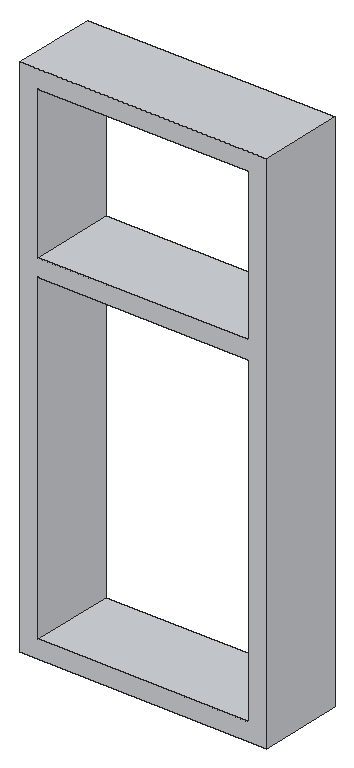
Revit family "Window_test", category 窗, Revit 2025
Family settings
  主体 = 墙
  OmniClass 编号 = 23.30.20.00
  OmniClass 标题 = Windows
  总是垂直 = 是
  载入时剪切的空心 = 否
  共享 = 否
  房间计算点 = 否
Parameters
  高度 = 1500 mm
  默认窗台高度 [instance] = 800 mm
  墙闭合 = 按主体
  宽度 = 800 mm
  liangzi_height [instance] = 480 mm
  Bottom_height [instance] = 450 mm
  AI_Width [instance] = 700 mm
  AI_Height [instance] = 1500 mm
Reference planes
  plane 1 "中心(前/后)": y = 0
  plane 2 "中心(左/右)": x = 0
  plane 3 "左": x = -350
  plane 4 "右": x = 350
  plane 5 "窗台": z = 450
  plane 6 "水头": z = 1950
  plane 7 "外部": y = 100
  plane 8 "内部": y = -100
  plane 9: z = 1470
Forms (mm)
  Extrusion 1, solid
    sketch origin (0, 0, 0) x (1, 0, 0) y (0, 0, 1)
      loop
        line (-350, 1950) -> (-350, 450) -> (350, 450) -> (350, 1950) -> (-350, 1950)
      loop
        line (-300, 1900) -> (-300, 1470) -> (300, 1470) -> (300, 1900) -> (-300, 1900)
      loop
        line (300, 500) -> (300, 1420) -> (-300, 1420) -> (-300, 500) -> (300, 500)
    from -120 to 120
Lines and regions (mm)
  Opening 1
    outline origin (3500, -100, 0) x (1, 0, 0) y (0, 0, 1)
      loop
        line (-3150, 450) -> (-3150, 1950) -> (-3850, 1950) -> (-3850, 450) -> (-3150, 450)
Text (mm)
  text "外部" at (-1963.203, 1332.353, 0), in view "参照标高"
  text "内部" at (-1981.466, -818.386, 0), in view "参照标高"
  text "外部" at (0, 923.751, 2943.296), in view "右"
  text "外部" at (0, 1040.484, 2685.409), in view "左"
Dimensions and locks
  equal spacing: plane 3 "左", plane 2 "中心(左/右)", plane 4 "右"
  "AI_Width": plane 3 "左" to plane 4 "右"
  "AI_Height": plane 5 "窗台" to plane 6 "水头"
  "Bottom_height": plane 5 "窗台" to level
  locked: plane 7 "外部" to host wall
  locked: plane 8 "内部" to host wall
  "liangzi_height": plane 6 "水头" to plane 9
  aligned and locked: Extrusion 1 sketch curve to host wall  (x4)
Automatic sketch dimensions
  Opening 1 sketch curve to plane 3 "左" = 0 mm
  Opening 1 sketch curve to plane 4 "右" = 0 mm
  Opening 1 sketch curve to plane 5 "窗台" = 0 mm
  Opening 1 sketch curve to plane 6 "水头" = 0 mm
  Extrusion 1 sketch curve to plane 3 "左" = 50 mm
  Extrusion 1 sketch curve to plane 5 "窗台" = 50 mm
  plane 6 "水头" to Extrusion 1 sketch curve = 50 mm
  Extrusion 1 sketch curve to plane 9 = 50 mm
  Extrusion 1 sketch curve to Extrusion 1 sketch curve = 0 mm  (x2)
  Extrusion 1 sketch curve to plane 9 = 0 mm
  plane 4 "右" to Extrusion 1 sketch curve = 50 mm
